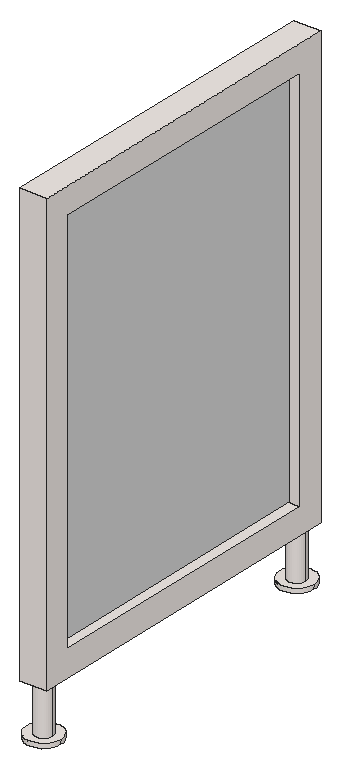
Revit family "M_Sistema de mobiliário-suporte-painel", category Sistema de mobiliário, Revit 2019
Family settings
  Cota do conector redondo = Utilizar diâmetro
  Tipo de parte = Normal
  Número OmniClass = 23.40.70.14.64.21
  Título OmniClass = Systems Furniture
  Com base no plano de trabalho = Não
  Sempre na vertical = Sim
  Corte com vazios quando carregada = Não
  Compartilhado = Não
  Ponto de cálculo do ambiente = Não
Parameters (values of type "500 x 720mm")
  Comentários de tipos = "Painel de suporte de 500 x 720 mm"
  Material do painel [instance] = Metal – Painel perfurado
  Model = ""
  Manufacturer = ""
  Material de suporte [instance] = Metal – Linho pintado
  Altura = 720 mm
  Description = ""
  Linear = 500 mm
Types (4, lengths in mm): name | Comentários de tipos | Linear
  500 x 720mm | "Painel de suporte de 500 x 720 mm" | 500
  600 x 720mm | "Painel de suporte de 600 x 720 mm" | 600
  750 x 720mm | "Painel de suporte de 750 x 720 mm" | 750
  650 x 720mm | "Painel de suporte de 650 x 720 mm" | 650
Reference planes
  plane 1 "Centro F/T": y = 0
  plane 2: z = 0
  plane 3 "Centro E/D": x = 0
  plane 4 "Direita": x = 19.05
  plane 5 "Superior": z = 720
  plane 6: y = -500
  plane 7: z = 76.2
  plane 8: z = 681.9
  plane 9: z = 114.3
  plane 10: y = -38.1
  plane 11: y = -461.9
  plane 12 "Esquerda": x = -19.05
  plane 13: y = -19.05
  plane 14: y = -480.95
  plane 15: x = -3.175
  plane 16: x = 3.175
Forms (mm)
  Extrusion 1, solid, material "Metal – Linho pintado" <- "Material de suporte"
    sketch origin (-95.318, -74.099, 0) x (1, 0, 0) y (0, 1, 0)
      loop
        circle (95.318, 55.049) r 12.7
      loop
        circle (95.318, -406.851) r 12.7
    from 6.35 to 76.2
  Extrusion 2, solid, material "Metal – Linho pintado" <- "Material de suporte"
    sketch origin (-95.318, -74.099, 0) x (1, 0, 0) y (0, 1, 0)
      loop
        circle (95.318, 55.049) r 25.4
      loop
        circle (95.318, -406.851) r 25.4
    from 0 to 6.35
  Extrusion 3, solid, material "Metal – Linho pintado" <- "Material de suporte"
    sketch origin (0, 0, 0) x (0, 1, 0) y (0, 0, 1)
      loop
        line (0, 720) -> (-500, 720) -> (-500, 76.2) -> (0, 76.2) -> (0, 720)
      loop
        line (-38.1, 681.9) -> (-461.9, 681.9) -> (-461.9, 114.3) -> (-38.1, 114.3) -> (-38.1, 681.9)
    from -19.05 to 19.05
  Extrusion 4, solid, material "Metal – Painel perfurado" <- "Material do painel", detail levels medium+fine
    sketch origin (0, 0, 0) x (0, 1, 0) y (0, 0, 1)
      loop
        line (-38.1, 681.9) -> (-461.9, 681.9) -> (-461.9, 114.3) -> (-38.1, 114.3) -> (-38.1, 681.9)
    from -3.175 to 3.175
Cuts and joins
  joined: Extrusion 1, Extrusion 2, Extrusion 3
Lines and regions (mm)
  Masking region 1
    outline origin (-18.301, 301.401, 0) x (1, 0, 0) y (0, 1, 0)
      loop
        line (-0.749, -301.401) -> (-0.749, -801.401) -> (37.351, -801.401) -> (37.351, -301.401) -> (-0.749, -301.401)
Dimensions and locks
  "Linear": plane 1 "Centro F/T" to plane 6
  locked: plane 10 to plane 1 "Centro F/T" at 38.1
  equal spacing: plane 10, plane 13, plane 1 "Centro F/T"
  locked: plane 11 to plane 6 at 38.1
  equal spacing: plane 11, plane 14, plane 6
  locked: plane 15 to plane 16 at 6.35
  equal spacing: plane 15, plane 3 "Centro E/D", plane 16
  "Altura": plane 5 "Superior" to plane 2
  locked: plane 5 "Superior" to plane 8 at 38.1
  aligned and locked: level to plane 2
  aligned and locked: plane 13 to Extrusion 2 sketch curve
  aligned and locked: plane 3 "Centro E/D" to Extrusion 2 sketch curve  (x2)
  aligned and locked: plane 13 to Extrusion 1 sketch curve
  aligned and locked: plane 3 "Centro E/D" to Extrusion 1 sketch curve  (x2)
  aligned and locked: plane 14 to Extrusion 2 sketch curve
  aligned and locked: plane 14 to Extrusion 1 sketch curve
  aligned and locked: plane 7 to Extrusion 1
  aligned and locked: plane 7 to Extrusion 3 sketch curve
  aligned and locked: plane 9 to Extrusion 3 sketch curve
  aligned and locked: Extrusion 3 sketch curve to plane 8
  aligned and locked: Extrusion 3 sketch curve to plane 5 "Superior"
  aligned and locked: plane 11 to Extrusion 3 sketch curve
  aligned and locked: plane 6 to Extrusion 3 sketch curve
  aligned and locked: Extrusion 3 sketch curve to plane 10
  aligned and locked: plane 1 "Centro F/T" to Extrusion 3 sketch curve
  aligned and locked: Extrusion 3 to plane 12 "Esquerda"
  aligned and locked: Extrusion 3 to plane 4 "Direita"
  aligned and locked: Extrusion 4 sketch curve to plane 8
  aligned and locked: plane 11 to Extrusion 4 sketch curve
  aligned and locked: plane 9 to Extrusion 4 sketch curve
  aligned and locked: Extrusion 4 sketch curve to plane 10
  aligned and locked: Extrusion 4 to plane 15
  aligned and locked: Extrusion 4 to plane 16
  aligned and locked: plane 1 "Centro F/T" to Masking region 1 sketch curve
  aligned and locked: plane 6 to Masking region 1 sketch curve
  aligned and locked: plane 4 "Direita" to Masking region 1 sketch curve
  aligned and locked: Masking region 1 sketch curve to plane 12 "Esquerda"
Automatic sketch dimensions
  radius of Extrusion 2 sketch curve = 25.4 mm  (x2)
  radius of Extrusion 1 sketch curve = 12.7 mm  (x2)
